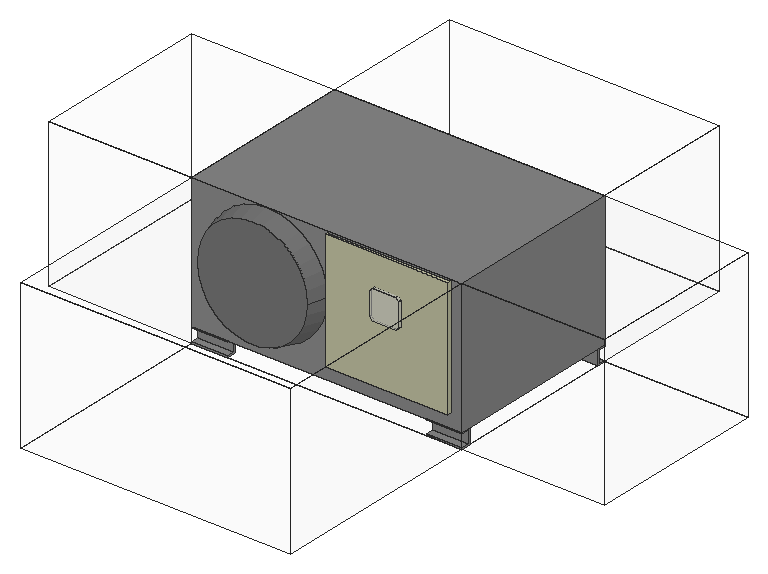
Revit family "Air Source 25-185", category Mechanical Equipment, Revit 2017
Family settings
  Round Connector Dimension = Use Diameter
  Part Type = Normal
  Work Plane-Based = No
  Always vertical = Yes
  Cut with Voids When Loaded = No
  Shared = No
  Room Calculation Point = No
Parameters (values of type "025 Axial")
  Water from Left = 41"
  Water Out from Bottom = 17 1/4"
  Water In from Bottom = 9 1/4"
  WATER CONN SIZE = 1"
  WEIGHT = "310"
  URL = "https://www.lochinvar.com/products/commercial-heat-pump-water-heaters/air-source-heat-pump-water-heaters/"
  UNIT WIDTH = 33"
  Unit Top Panel Depth = 1/2"
  UNIT LENGTH = 45 3/8"
  Side Channels = yes
  SES BIM Studio # = "21 0649 02"
  Perpendicular Channels = no
  Perp Channel Right from Left = 43 7/8"
  Perp Channel Left from Left = 3"
  Perp Channel Center from Left = 21 3/16"
  Model = ""
  Manufacturer = "Lochinvar"
  Lbs.R134a = "7"
  Fan Outer Dia = 20 1/8"
  Fan Inner Dia = Fan Outer Dia - 1 5/8"  # 18 1/2"
  Fan/Blower Depth = 3"
  Fan Center from Left = 12 5/8"
  Fan Center from Bottom = 14 13/16"
  Fan = yes
  FLOW RATE (GPM) = "5.4"
  Evap Top from Bottom = 22 3/4"
  Evap Right from Left = 3"
  Evap Left from Left = 27 1/8"
  Evap Depth = 1"
  Elec Panel Top from Bottom = 24 5/8"
  Elec Panel Right from Right = 2"
  Elec Panel Left from Right = 22 9/16"
  Elec Panel Bottom from Bottom = 4 3/4"
  Description = "Air Source Heat Pump Water Heater"
  Controls Cover Right from Right = 9 25/32"
  Controls Cover Bottom from Bottom = 14 5/8"
  Condensate from Left = 15 3/8"
  Condensate from Front = 27 1/2"
  Compressor Type = "Scroll"
  CONDENSATE CONN SIZE = 1"
  Clearance Right = 24"
  Clearance Left = 24"
  Clearance Front = 36"
  Clearance Back = 24"
  Clearance [instance] = yes
  Channel Length = 6"
  Center Channels = no
  UNIT HEIGHT = 24 7/8"
  Channel Height = 2 1/2"
  Blower Width = 7"
  Blower Left from Left = 10 1/4"
  Blower Height = 11 1/2"
  Blower Bottom from Bottom = 10 7/8"
  Blower = no
  BTUH Heating = "27,450"
  BTUH Cooling = "21,200"
  Air Volume (CFM) = "1,250"
  575V/3PH/60HZ RLA = "6.2"
  575V/3PH/60HZ MOCP = "10"
  575V/3PH/60HZ MCA = "8"
  440V-480V/3PH/60HZ RLA = "6.5"
  440V-480V/3PH/60HZ MOCP = "10"
  440V-480V/3PH/60HZ MCA = "8"
  208V-230V/3PH/60HZ RLA = "11.5"
  208V-230V/3PH/60HZ MOCP = "15"
  208V-230V/3PH/60HZ MCA = "14"
  208V-230V/1PH/60HZ RLA = "19.7"
  208V-230V/1PH/60HZ MOCP = "25"
  208V-230V/1PH/60HZ MCA = "24"
Types (11): name | Water from Left | Water Out from Bottom | Water In from Bottom | WATER CONN SIZE | WEIGHT | UNIT WIDTH | Unit Top Panel Depth | UNIT LENGTH | Side Channels | Perpendicular Channels | Perp Channel Right from Left | Perp Channel Left from Left | Perp Channel Center from Left | Model | Lbs.R134a | Fan Outer Dia | Fan Inner Dia | Fan/Blower Depth | Fan Center from Left | Fan Center from Bottom | Fan | FLOW RATE (GPM) | Evap Top from Bottom | Evap Right from Left | Evap Left from Left | Evap Depth | Elec Panel Top from Bottom | Elec Panel Right from Right | Elec Panel Left from Right | Elec Panel Bottom from Bottom | Controls Cover Right from Right | Controls Cover Bottom from Bottom | Condensate from Left | Condensate from Front | Channel Length | Center Channels | UNIT HEIGHT | Channel Height | Blower Width | Blower Left from Left | Blower Height | Blower Bottom from Bottom | Blower | BTUH Heating | BTUH Cooling | Air Volume (CFM) | 575V/3PH/60HZ RLA | 575V/3PH/60HZ MOCP | 575V/3PH/60HZ MCA | 440V-480V/3PH/60HZ RLA | 440V-480V/3PH/60HZ MOCP | 440V-480V/3PH/60HZ MCA | 208V-230V/3PH/60HZ RLA | 208V-230V/3PH/60HZ MOCP | 208V-230V/3PH/60HZ MCA | 208V-230V/1PH/60HZ RLA | 208V-230V/1PH/60HZ MOCP | 208V-230V/1PH/60HZ MCA
  (no name) | 41" | 17 1/4" | 9 1/4" | 1" | "310" | 33" | 1/2" | 45 3/8" | yes | no | 43 7/8" | 3" | 21 3/16" | "" | "7" | 20 1/8" | 18 1/2" | 3" | 12 5/8" | 14 13/16" | yes | "5.4" | 22 3/4" | 3" | 27 1/8" | 1" | 24 5/8" | 2" | 22 9/16" | 4 3/4" | 9 25/32" | 14 5/8" | 15 3/8" | 27 1/2" | 6" | no | 24 7/8" | 2 1/2" | 7" | 10 1/4" | 11 1/2" | 10 7/8" | no | "27,450" | "21,200" | "1,250" | "6.2" | "10" | "8" | "6.5" | "10" | "8" | "11.5" | "15" | "14" | "19.7" | "25" | "24"
  025 Axial | 41" | 17 1/4" | 9 1/4" | 1" | "310" | 33" | 1/2" | 45 3/8" | yes | no | 43 7/8" | 3" | 21 3/16" | "" | "7" | 20 1/8" | 18 1/2" | 3" | 12 5/8" | 14 13/16" | yes | "5.4" | 22 3/4" | 3" | 27 1/8" | 1" | 24 5/8" | 2" | 22 9/16" | 4 3/4" | 9 25/32" | 14 5/8" | 15 3/8" | 27 1/2" | 6" | no | 24 7/8" | 2 1/2" | 7" | 10 1/4" | 11 1/2" | 10 7/8" | no | "27,450" | "21,200" | "1,250" | "6.2" | "10" | "8" | "6.5" | "10" | "8" | "11.5" | "15" | "14" | "19.7" | "25" | "24"
  025 Blower | 41" | 17 1/4" | 9 1/4" | 1" | "310" | 31 3/8" | 1/2" | 45 3/8" | yes | no | 43 7/8" | 3" | 21 3/16" | "AHP025" | "7" | 20 1/8" | 18 1/2" | 1 3/8" | 12 5/8" | 14 13/16" | no | "5.4" | 22 3/4" | 3" | 27 1/8" | 1" | 24 5/8" | 2" | 22 9/16" | 4 3/4" | 9 25/32" | 14 5/8" | 15 3/8" | 27 1/2" | 6" | no | 24 7/8" | 2 1/2" | 7" | 10 1/4" | 11 1/2" | 10 7/8" | yes | "27,450" | "21,200" | "1,250" | "6.4" | "10" | "8" | "7.9" | "15" | "10" | "14.4" | "20" | "17" | "23.9" | "30" | "28"
  060 Axial | 58 3/8" | 17 1/2" | 7 1/2" | 1" | "520" | 32 5/8" | 1" | 64 1/4" | yes | no | 43 7/8" | 3" | 21 3/16" | "AHP060" | "14" | 29 1/4" | 27 5/8" | 4" | 17" | 19 1/2" | yes | "13" | 30 1/4" | 5 1/4" | 41 3/8" | 1" | 28" | 8" | 32 5/8" | 4 7/8" | 17 13/16" | 20 1/4" | 22 3/4" | 25 5/8" | 6" | no | 34 5/8" | 2 1/2" | 7" | 10 1/4" | 11 1/2" | 10 7/8" | no | "63,255" | "48,425" | "2,800" | "10" | "15" | "12" | "12" | "20" | "15" | "25" | "30" | "29" | "33.1" | "50" | "41"
  060 Blower | 58 3/8" | 17 1/2" | 7 1/2" | 1" | "520" | 29 5/8" | 1" | 64 1/4" | yes | no | 43 7/8" | 3" | 21 3/16" | "AHP060" | "14" | 29 1/4" | 27 5/8" | 1 1/8" | 17" | 19 1/2" | no | "13" | 30 1/4" | 5 1/4" | 41 3/8" | 1" | 28" | 8" | 32 5/8" | 4 7/8" | 17 13/16" | 20 1/4" | 22 3/4" | 25 5/8" | 6" | no | 34 5/8" | 2 1/2" | 16 1/8" | 14" | 13 3/4" | 19 3/4" | yes | "63,255" | "48,425" | "2,800" | "10.8" | "15" | "13" | "13.2" | "20" | "16" | "26.5" | "35" | "32" | "36.3" | "50" | "44"
  090 Axial | 63 1/2" | 23 1/8" | 8 1/4" | 1 1/2" | "775" | 32 3/4" | 1" | 70 1/4" | yes | no | 43 7/8" | 3" | 21 3/16" | "AHP090" | "21" | 29 3/4" | 28 1/8" | 4 1/8" | 18 3/4" | 20 3/8" | yes | "20" | 36 3/4" | 5 1/8" | 47 1/8" | 1" | 35 1/4" | 16 1/2" | 36 5/8" | 5 1/2" | 24 1/16" | 28" | 24 7/8" | 24 3/4" | 10" | yes | 40 1/4" | 3" | 7" | 10 1/4" | 11 1/2" | 10 7/8" | no | "110,725" | "83,625" | "2,800" | "14.4" | "20" | "18" | "20.8" | "30" | "26" | "39.3" | "50" | "49" | "-" | "-" | "-"
  090 Blower | 63 1/2" | 23 1/8" | 8 1/4" | 1 1/2" | "775" | 29 3/4" | 1" | 70 1/4" | yes | no | 43 7/8" | 3" | 21 3/16" | "AHP090" | "21" | 29 3/4" | 28 1/8" | 1 1/4" | 18 3/4" | 20 3/8" | no | "20" | 36 3/4" | 5 1/8" | 47 1/8" | 1" | 35 1/4" | 16 1/2" | 36 5/8" | 5 1/2" | 24 1/16" | 28" | 24 7/8" | 24 3/4" | 10" | yes | 40 1/4" | 3" | 15 3/4" | 16 1/4" | 13 3/4" | 19 1/2" | yes | "110,725" | "83,625" | "2,800" | "15.2" | "20" | "19" | "22" | "30" | "27" | "41.6" | "60" | "51" | "-" | "-" | "-"
  125 Axial | 75" | 29 1/8" | 9 1/8" | 1 1/2" | "1,240" | 37 3/8" | 1" | 84 3/8" | no | yes | 82 7/8" | 3" | 42 15/16" | "AHP125" | "25" | 29" | 27 3/8" | 4 1/8" | 29 3/4" | 20 5/8" | yes | "28" | 31 3/4" | 5 3/8" | 65 3/8" | 1" | 30 5/8" | 14 1/4" | 40 1/8" | 6 1/8" | 24 11/16" | 22 3/4" | 36" | 28 5/8" | 10" | no | 36 1/8" | 3" | 7" | 10 1/4" | 11 1/2" | 10 7/8" | no | "114,275" | "108,500" | "4,500" | "24.7" | "35" | "30" | "28.2" | "35" | "34" | "56.3" | "70" | "69" | "-" | "-" | "-"
  125 Blower | 75" | 29 1/8" | 9 1/8" | 1 1/2" | "1,240" | 34 3/8" | 1" | 84 3/8" | no | yes | 82 7/8" | 3" | 42 15/16" | "AHP125" | "25" | 29" | 27 3/8" | 1 1/8" | 29 3/4" | 20 5/8" | no | "28" | 31 3/4" | 5 3/8" | 65 3/8" | 1" | 30 5/8" | 14 1/4" | 40 1/8" | 6 1/8" | 24 11/16" | 22 3/4" | 36" | 28 5/8" | 10" | no | 36 1/8" | 3" | 18 7/8" | 20 5/8" | 16 1/2" | 17 3/8" | yes | "114,275" | "108,500" | "4,500" | "26.8" | "35" | "32" | "30.9" | "40" | "37" | "61.4" | "80" | "74" | "-" | "-" | "-"
  185 Axial | 11 1/2" | 38 1/8" | 11 5/8" | 2" | "1,410" | 45 3/8" | 1" | 72 3/4" | no | yes | 72 3/4" | 1 1/2" | 21 1/4" | "AHP185" | "30" | 30 7/8" | 29 1/4" | 3 3/4" | 55 5/16" | 21 9/16" | yes | "40" | 41 1/2" | 19 1/8" | 67 1/8" | 1 1/4" | 37" | 32 7/8" | 56 7/8" | 6 1/8" | 42 3/8" | 28 3/4" | 26 3/8" | 37 1/2" | 10" | no | 43" | 3" | 7" | 10 1/4" | 11 1/2" | 10 7/8" | no | "224,675" | "172,375" | "4,500" | "30.5" | "40" | "37" | "36.5" | "50" | "45" | "81.3" | "110" | "100" | "-" | "-" | "-"
  185 Blower | 11 1/2" | 38 1/8" | 11 5/8" | 2" | "1,410" | 42 3/4" | 1" | 72 3/4" | no | yes | 72 3/4" | 1 1/2" | 21 1/4" | "AHP185" | "30" | 30 7/8" | 29 1/4" | 1 1/8" | 55 5/16" | 21 9/16" | no | "40" | 41 1/2" | 19 1/8" | 67 1/8" | 1 1/4" | 37" | 32 7/8" | 56 7/8" | 6 1/8" | 42 3/8" | 28 3/4" | 26 3/8" | 37 1/2" | 10" | no | 43" | 3" | 19" | 44 3/4" | 16" | 18 1/4" | yes | "224,675" | "172,375" | "4,500" | "32.6" | "40" | "39" | "39.2" | "50" | "47" | "86.4" | "110" | "105" | "-" | "-" | "-"
Reference planes (in)
  plane 1 "Unit Back": y = 0
  plane 2: z = 0
  plane 3 "Center (Left/Right)": x = 0
  plane 4 "Unit Left": x = -22.6875
  plane 5 "Unit Right": x = 22.6875
  plane 6 "Unit Front": y = -30
  plane 7 "Unit Top": z = 24.875
  plane 8 "Unit Bottom": z = 2.5
  plane 9: x = -16.6875
  plane 10: x = 16.6875
  plane 11: y = -28.5
  plane 12: y = -1.5
  plane 13: y = -1.3125
  plane 14: y = -28.6875
  plane 15: z = 2.3125
  plane 16: z = 0.1875
  plane 17: x = 5
  plane 18: x = -5
  plane 19: x = -19.6875
  plane 20: x = 19.6875
  plane 21: x = -3
  plane 22: x = -21.1875
  plane 23: x = 21.1875
  plane 24: x = -1.5
  plane 25: x = -19.875
  plane 26: x = -2.8125
  plane 27: x = 19.875
  plane 28 "Fan/Blower Front": y = -33
  plane 29 "Fan Center Vertical": x = -10.0625
  plane 30 "Fan Center Horizontal": z = 14.8125
  plane 31: z = 4.75
  plane 32: y = 1
  plane 33: z = 17.25
  plane 34: z = 9.25
  plane 35: x = 18.3125
  plane 36: z = 24.375
  plane 37 "Elec Panel Right": x = 20.6875
  plane 38 "Elec Panel Left": x = 0.125
  plane 39 "Elec Panel Top": z = 24.625
  plane 40 "Evap Right": x = -19.6875
  plane 41 "Evap Left": x = 4.4375
  plane 42 "Evap Top": z = 22.75
  plane 43 "Controls Cover Left": x = 7.90625
  plane 44 "Controls Cover Right": x = 12.90625
  plane 45 "Controls Cover Top": z = 19.625
  plane 46 "Controls Cover Bottom": z = 14.625
  plane 47: x = -7.3125
  plane 48: y = -2.5
  plane 49: z = 1.5
  plane 50 "Blower Right": x = -5.4375
  plane 51 "Blower Left": x = -12.4375
  plane 52 "Blower Top": z = 22.375
  plane 53 "Blower Bottom": z = 10.875
  plane 54: x = 46.6875
  plane 55: x = -46.6875
  plane 56: y = 24
  plane 57: y = -66
Forms (in)
  Extrusion 1, solid
    sketch origin (0, 0, 2.5) x (-1, 0, 0) y (0, -1, 0)
      loop
        line (22.6875, 0) -> (22.6875, 30) -> (-22.6875, 30) -> (-22.6875, 0) -> (22.6875, 0)
    from 0 to 22.375
  Sweep 2, solid, visible <- "Side Channels"
    path origin (0, 0, 0) x (1, 0, 0) y (0, 0, 1)
      loop
        line (-22.6875, 2.5) -> (-16.6875, 2.5)
    profile origin (-19.6875, 0, 2.5) x (0, 0, 1) y (0, -1, 0)
      loop
        line (0, 0) -> (0, 1.5) -> (-2.5, 1.5) -> (-2.5, 0) -> (-2.3125, 0) -> (-2.3125, 1.3125) -> (-0.1875, 1.3125) -> (-0.1875, 0) -> (0, 0)
  Sweep 3, solid, visible <- "Side Channels"
    path origin (39.375, 0, 0) x (1, 0, 0) y (0, 0, 1)
      loop
        line (-22.6875, 2.5) -> (-16.6875, 2.5)
    profile origin (19.6875, 0, 2.5) x (0, 0, 1) y (0, -1, 0)
      loop
        line (0, 0) -> (0, 1.5) -> (-2.5, 1.5) -> (-2.5, 0) -> (-2.3125, 0) -> (-2.3125, 1.3125) -> (-0.1875, 1.3125) -> (-0.1875, 0) -> (0, 0)
  Sweep 4, solid, visible <- "Side Channels"
    path origin (0, -33, 0) x (1, 0, 0) y (0, 0, -1)
      loop
        line (-22.6875, -2.5) -> (-16.6875, -2.5)
    profile origin (-19.6875, -33, 2.5) x (0, 0, -1) y (0, 1, 0)
      loop
        line (0, 3) -> (0.1875, 3) -> (0.1875, 4.3125) -> (2.3125, 4.3125) -> (2.3125, 3) -> (2.5, 3) -> (2.5, 4.5) -> (0, 4.5) -> (0, 3)
  Sweep 5, solid, visible <- "Side Channels"
    path origin (39.375, -33, 0) x (1, 0, 0) y (0, 0, -1)
      loop
        line (-22.6875, -2.5) -> (-16.6875, -2.5)
    profile origin (19.6875, -33, 2.5) x (0, 0, -1) y (0, 1, 0)
      loop
        line (0, 3) -> (0.1875, 3) -> (0.1875, 4.3125) -> (2.3125, 4.3125) -> (2.3125, 3) -> (2.5, 3) -> (2.5, 4.5) -> (0, 4.5) -> (0, 3)
  Sweep 6, solid, visible <- "Center Channels"
    path origin (19.6875, 0, 0) x (1, 0, 0) y (0, 0, 1)
      loop
        line (-24.6875, 2.5) -> (-14.6875, 2.5)
    profile origin (0, 0, 2.5) x (0, 0, 1) y (0, -1, 0)
      loop
        line (0, 0) -> (0, 1.5) -> (-2.5, 1.5) -> (-2.5, 0) -> (-2.3125, 0) -> (-2.3125, 1.3125) -> (-0.1875, 1.3125) -> (-0.1875, 0) -> (0, 0)
  Sweep 7, solid, visible <- "Center Channels"
    path origin (19.6875, -30, 0) x (1, 0, 0) y (0, 0, -1)
      loop
        line (-24.6875, -2.5) -> (-14.6875, -2.5)
    profile origin (0, -30, 2.5) x (0, 0, -1) y (0, 1, 0)
      loop
        line (0, 0) -> (0.1875, 0) -> (0.1875, 1.3125) -> (2.3125, 1.3125) -> (2.3125, 0) -> (2.5, 0) -> (2.5, 1.5) -> (0, 1.5) -> (0, 0)
  Extrusion 8, solid, visible <- "Perpendicular Channels"
    sketch origin (0, 0, 0) x (1, 0, 0) y (0, 0, 1)
      loop
        line (-19.6875, 0) -> (-19.6875, 2.5) -> (-21.1875, 2.5) -> (-21.1875, 2.3125) -> (-19.875, 2.3125) -> (-19.875, 0.1875) -> (-21.1875, 0.1875) -> (-21.1875, 0) -> (-19.6875, 0)
    from 0 to 30
  Extrusion 9, solid, visible <- "Perpendicular Channels"
    sketch origin (0, 0, 0) x (-1, 0, 0) y (0, 0, -1)
      loop
        line (-19.6875, 0) -> (-21.1875, 0) -> (-21.1875, -0.1875) -> (-19.875, -0.1875) -> (-19.875, -2.3125) -> (-21.1875, -2.3125) -> (-21.1875, -2.5) -> (-19.6875, -2.5) -> (-19.6875, 0)
    from 0 to 30
  Extrusion 10, solid, visible <- "Perpendicular Channels"
    sketch origin (-22.6875, 0, 0) x (-1, 0, 0) y (0, 0, -1)
      loop
        line (-19.6875, 0) -> (-21.1875, 0) -> (-21.1875, -0.1875) -> (-19.875, -0.1875) -> (-19.875, -2.3125) -> (-21.1875, -2.3125) -> (-21.1875, -2.5) -> (-19.6875, -2.5) -> (-19.6875, 0)
    from 0 to 30
  Blend 11, solid, material "Fan/Blower/Evaporator", visible <- "Fan"
    base sketch origin (0, -30, 0) x (1, 0, 0) y (0, 0, 1)
      loop
        circle (-10.0625, 14.8125) r 10.0625
    top sketch origin (0, -30, 0) x (1, 0, 0) y (0, 0, 1)
      loop
        circle (-10.0625, 14.8125) r 9.25
    from 0 to 3
  Extrusion 12, solid
    sketch origin (-22.6875, 0, 2.5) x (1, 0, 0) y (0, 0, -1)
      loop
        circle (41, -14.75) r 0.5
      loop
        circle (41, -6.75) r 0.5
    from 0 to 1
  Extrusion 13, solid, material "Electrical Panel"
    sketch origin (22.6875, -30, 2.5) x (-1, 0, 0) y (0, 0, -1)
      loop
        line (22.5625, -22.125) -> (22.5625, -2.25) -> (2, -2.25) -> (2, -22.125) -> (22.5625, -22.125)
    from 0 to 0.5
  Extrusion 14, solid, material "Fan/Blower/Evaporator"
    sketch origin (-22.6875, 0, 2.5) x (1, 0, 0) y (0, 0, -1)
      loop
        line (27.125, -20.25) -> (27.125, -2.25) -> (3, -2.25) -> (3, -20.25) -> (27.125, -20.25)
    from 0 to 1
  Extrusion 15, solid, material "Controls Cover"
    sketch origin (22.6875, -30.5, 2.5) x (-1, 0, 0) y (0, 0, -1)
      loop
        line (14.28125, -17.125) -> (14.78125, -16.625) -> (14.78125, -12.625) -> (14.28125, -12.125) -> (10.28125, -12.125) -> (9.78125, -12.625) -> (9.78125, -16.625) -> (10.28125, -17.125) -> (14.28125, -17.125)
    from 0 to 0.5
  Extrusion 16, solid
    sketch origin (0, 0, 2.5) x (0, -1, 0) y (-1, 0, 0)
      loop
        circle (2.5, 7.3125) r 0.5
    from 0 to 1
  Extrusion 17, solid, material "Fan/Blower/Evaporator", visible <- "Blower"
    sketch origin (22.6875, -30, 2.5) x (-1, 0, 0) y (0, 0, -1)
      loop
        line (35.125, -19.875) -> (35.125, -8.375) -> (28.125, -8.375) -> (28.125, -19.875) -> (35.125, -19.875)
    from 0 to 3
  Extrusion 18, solid, material "Clearance", visible <- "Clearance"
    sketch origin (-69.375, 0, 0) x (1, 0, 0) y (0, 1, 0)
      loop
        line (22.6875, 0) -> (22.6875, -30) -> (46.6875, -30) -> (46.6875, 0) -> (22.6875, 0)
    from 0 to 24.875
  Extrusion 19, solid, material "Clearance", visible <- "Clearance"
    sketch origin (0, 0, 0) x (1, 0, 0) y (0, 1, 0)
      loop
        line (22.6875, 0) -> (22.6875, -30) -> (46.6875, -30) -> (46.6875, 0) -> (22.6875, 0)
    from 0 to 24.875
  Extrusion 20, solid, material "Clearance", visible <- "Clearance"
    sketch origin (-45.375, 24, 0) x (1, 0, 0) y (0, 1, 0)
      loop
        line (22.6875, 0) -> (22.6875, -24) -> (68.0625, -24) -> (68.0625, 0) -> (22.6875, 0)
    from 0 to 24.875
  Extrusion 21, solid, material "Clearance", visible <- "Clearance"
    sketch origin (-45.375, -30, 0) x (1, 0, 0) y (0, 1, 0)
      loop
        line (22.6875, 0) -> (22.6875, -36) -> (68.0625, -36) -> (68.0625, 0) -> (22.6875, 0)
    from 0 to 24.875
Lines and regions (in)
  model lines
    curve 1: line (-22.6875, -30, 4.75) -> (22.6875, -30, 4.75)
    curve 2: line (22.6875, 0, 4.75) -> (-22.6875, 0, 4.75)
    curve 3: line (-22.6875, 0, 4.75) -> (-22.6875, -30, 4.75)
    curve 4: line (22.6875, -30, 4.75) -> (22.6875, 0, 4.75)
    curve 5: line (22.6875, 0, 24.375) -> (-22.6875, 0, 24.375)
    curve 6: line (-22.6875, -30, 24.375) -> (22.6875, -30, 24.375)
    curve 7: line (-22.6875, 0, 24.375) -> (-22.6875, -30, 24.375)
    curve 8: line (22.6875, -30, 24.375) -> (22.6875, 0, 24.375)
Dimensions and locks (in)
  locked: plane 8 "Unit Bottom" to plane 15 at 0.1875
  locked: plane 13 to plane 12 at 0.1875
  locked: plane 11 to plane 14 at 0.1875
  "Channel Height": plane 8 "Unit Bottom" to plane 2
  locked: plane 16 to plane 2 at 0.1875
  "UNIT HEIGHT": plane 7 "Unit Top" to plane 2
  plane 6 "Unit Front" to plane 1 "Unit Back" = 30"
  locked: plane 6 "Unit Front" to plane 11 at 1.5
  locked: plane 12 to plane 1 "Unit Back" at 1.5
  "Channel Length": plane 4 "Unit Left" to plane 9
  "Channel Length": plane 10 to plane 5 "Unit Right"
  "Fan/Blower Depth": plane 28 "Fan/Blower Front" to plane 6 "Unit Front"
  "Fan Center from Bottom": plane 30 "Fan Center Horizontal" to plane 2
  "Fan Center from Left": plane 4 "Unit Left" to plane 29 "Fan Center Vertical"
  "Water from Left": plane 4 "Unit Left" to plane 35
  "Water In from Bottom": plane 2 to plane 34
  "Water Out from Bottom": plane 2 to plane 33
  "UNIT WIDTH": plane 28 "Fan/Blower Front" to plane 1 "Unit Back"
  "Elec Panel Right from Right": plane 37 "Elec Panel Right" to plane 5 "Unit Right"
  "Elec Panel Top from Bottom": plane 39 "Elec Panel Top" to plane 2
  "Elec Panel Left from Right": plane 38 "Elec Panel Left" to plane 5 "Unit Right"
  locked: plane 22 to plane 19 at 1.5
  locked: plane 21 to plane 24 at 1.5
  locked: plane 20 to plane 23 at 1.5
  locked: plane 25 to plane 19 at 0.1875
  locked: plane 21 to plane 26 at 0.1875
  locked: plane 20 to plane 27 at 0.1875
  "Evap Top from Bottom": plane 2 to plane 42 "Evap Top"
  "Evap Right from Left": plane 4 "Unit Left" to plane 40 "Evap Right"
  "Evap Left from Left": plane 4 "Unit Left" to plane 41 "Evap Left"
  locked: plane 43 "Controls Cover Left" to plane 44 "Controls Cover Right" at 5
  locked: plane 45 "Controls Cover Top" to plane 46 "Controls Cover Bottom" at 5
  "Controls Cover Bottom from Bottom": plane 46 "Controls Cover Bottom" to plane 2
  "Controls Cover Right from Right": plane 44 "Controls Cover Right" to plane 5 "Unit Right"
  "Evap Depth": plane 1 "Unit Back" to plane 32
  "Condensate from Front": plane 6 "Unit Front" to plane 48
  "Condensate from Left": plane 4 "Unit Left" to plane 47
  plane 8 "Unit Bottom" to plane 49 = 1"
  "UNIT LENGTH": plane 4 "Unit Left" to plane 5 "Unit Right"
  equal spacing: plane 4 "Unit Left", plane 3 "Center (Left/Right)", plane 5 "Unit Right"
  "Perp Channel Center from Left": plane 4 "Unit Left" to plane 24
  "Perp Channel Right from Left": plane 4 "Unit Left" to plane 23
  "Perp Channel Left from Left": plane 4 "Unit Left" to plane 19
  locked: plane 18 to plane 3 "Center (Left/Right)" at 5
  locked: plane 3 "Center (Left/Right)" to plane 17 at 5
  "Unit Top Panel Depth": plane 7 "Unit Top" to plane 36
  "Elec Panel Bottom from Bottom": plane 31 to plane 2
  "Blower Width": plane 51 "Blower Left" to plane 50 "Blower Right"
  "Blower Height": plane 52 "Blower Top" to plane 53 "Blower Bottom"
  "Blower Left from Left": plane 4 "Unit Left" to plane 51 "Blower Left"
  "Blower Bottom from Bottom": plane 53 "Blower Bottom" to plane 2
  "Clearance Back": plane 1 "Unit Back" to plane 56
  "Clearance Right": plane 5 "Unit Right" to plane 54
  "Clearance Front": plane 57 to plane 6 "Unit Front"
  "Clearance Left": plane 55 to plane 4 "Unit Left"
  "Fan Outer Dia": diameter of Blend 11 sketch curve
  "Fan Inner Dia": diameter of Blend 11 sketch curve
  "WATER CONN SIZE": diameter of Extrusion 12 sketch curve  (x2)
  "CONDENSATE CONN SIZE": diameter of Extrusion 16 sketch curve
  aligned and locked: plane 2 to level
  aligned and locked: Extrusion 1 sketch curve to plane 4 "Unit Left"
  aligned and locked: plane 5 "Unit Right" to Extrusion 1 sketch curve
  aligned and locked: Extrusion 1 sketch curve to plane 6 "Unit Front"
  aligned and locked: plane 1 "Unit Back" to Extrusion 1 sketch curve
  aligned and locked: Extrusion 1 to plane 7 "Unit Top"
  aligned and locked: plane 9 to Sweep 2 sketch curve
  aligned and locked: plane 4 "Unit Left" to Sweep 2 sketch curve
  aligned and locked: plane 5 "Unit Right" to Sweep 5 sketch curve
  aligned and locked: plane 10 to Sweep 5 sketch curve
  aligned and locked: plane 5 "Unit Right" to Sweep 3 sketch curve
  aligned and locked: plane 10 to Sweep 3 sketch curve
  aligned and locked: plane 4 "Unit Left" to Sweep 4 sketch curve
  aligned and locked: plane 9 to Sweep 4 sketch curve
  aligned and locked: Sweep 2 sketch curve to plane 12
  aligned and locked: Sweep 2 sketch curve to plane 8 "Unit Bottom"
  aligned and locked: plane 13 to Sweep 2 sketch curve
  aligned and locked: plane 15 to Sweep 2 sketch curve
  aligned and locked: Sweep 4 sketch curve to plane 15
  aligned and locked: plane 8 "Unit Bottom" to Sweep 4 sketch curve
  aligned and locked: Sweep 4 sketch curve to plane 11
  aligned and locked: Sweep 4 sketch curve to plane 14
  aligned and locked: Sweep 5 sketch curve to plane 8 "Unit Bottom"
  aligned and locked: Sweep 5 sketch curve to plane 15
  aligned and locked: plane 11 to Sweep 5 sketch curve
  aligned and locked: plane 14 to Sweep 5 sketch curve
  aligned and locked: plane 8 "Unit Bottom" to Sweep 3 sketch curve
  aligned and locked: plane 15 to Sweep 3 sketch curve
  aligned and locked: plane 12 to Sweep 3 sketch curve
  aligned and locked: plane 13 to Sweep 3 sketch curve
  aligned and locked: plane 16 to Sweep 2 sketch curve
  aligned and locked: Sweep 4 sketch curve to plane 16
  aligned and locked: plane 16 to Sweep 5 sketch curve
  aligned and locked: Sweep 3 sketch curve to plane 16
  aligned and locked: plane 6 "Unit Front" to Sweep 4 sketch curve
  aligned and locked: Sweep 4 sketch curve to plane 6 "Unit Front"
  aligned and locked: Sweep 5 sketch curve to plane 6 "Unit Front"
  aligned and locked: plane 6 "Unit Front" to Sweep 5 sketch curve
  aligned and locked: plane 18 to Sweep 6 sketch curve
  aligned and locked: plane 17 to Sweep 6 sketch curve
  aligned and locked: plane 17 to Sweep 7 sketch curve
  aligned and locked: plane 18 to Sweep 7 sketch curve
  aligned and locked: Sweep 6 sketch curve to plane 8 "Unit Bottom"
  aligned and locked: Sweep 6 sketch curve to plane 15
  aligned and locked: Sweep 6 sketch curve to plane 12
  aligned and locked: Sweep 6 sketch curve to plane 13
  aligned and locked: plane 2 to Sweep 6 sketch curve
  aligned and locked: plane 16 to Sweep 6 sketch curve
  aligned and locked: plane 8 "Unit Bottom" to Sweep 7 sketch curve
  aligned and locked: plane 15 to Sweep 7 sketch curve
  aligned and locked: Sweep 7 sketch curve to plane 11
  aligned and locked: Sweep 7 sketch curve to plane 14
  aligned and locked: Sweep 7 sketch curve to plane 2
  aligned and locked: Sweep 7 sketch curve to plane 16
  aligned and locked: plane 6 "Unit Front" to Sweep 7 sketch curve
  aligned and locked: Sweep 7 sketch curve to plane 6 "Unit Front"
  aligned and locked: Extrusion 1 to Extrusion 8
  aligned and locked: Extrusion 1 to Extrusion 9
  aligned and locked: Extrusion 1 to Extrusion 10
  aligned and locked: Extrusion 8 sketch curve to plane 15
  aligned and locked: plane 8 "Unit Bottom" to Extrusion 8 sketch curve
  aligned and locked: Extrusion 8 sketch curve to plane 25
  aligned and locked: Extrusion 8 sketch curve to plane 19
  aligned and locked: plane 2 to Extrusion 8 sketch curve
  aligned and locked: Extrusion 8 sketch curve to plane 16
  aligned and locked: plane 22 to Extrusion 8 sketch curve
  aligned and locked: Extrusion 8 sketch curve to plane 22
  aligned and locked: Extrusion 10 sketch curve to plane 8 "Unit Bottom"
  aligned and locked: plane 15 to Extrusion 10 sketch curve
  aligned and locked: plane 16 to Extrusion 10 sketch curve
  aligned and locked: Extrusion 10 sketch curve to plane 2
  aligned and locked: Extrusion 10 sketch curve to plane 21
  aligned and locked: Extrusion 10 sketch curve to plane 26
  aligned and locked: Extrusion 10 sketch curve to plane 24
  aligned and locked: plane 24 to Extrusion 10 sketch curve
  aligned and locked: Extrusion 9 sketch curve to plane 8 "Unit Bottom"
  aligned and locked: plane 15 to Extrusion 9 sketch curve
  aligned and locked: plane 16 to Extrusion 9 sketch curve
  aligned and locked: Extrusion 9 sketch curve to plane 2
  aligned and locked: Extrusion 9 sketch curve to plane 20
  aligned and locked: Extrusion 9 sketch curve to plane 27
  aligned and locked: Extrusion 9 sketch curve to plane 23
  aligned and locked: plane 23 to Extrusion 9 sketch curve
  aligned and locked: plane 28 "Fan/Blower Front" to Blend 11
  aligned and locked: plane 29 "Fan Center Vertical" to Blend 11 sketch curve  (x2)
  aligned and locked: plane 30 "Fan Center Horizontal" to Blend 11 sketch curve  (x2)
  aligned and locked: curve 1 to plane 31
  aligned and locked: curve 2 to plane 31
  aligned and locked: curve 3 to plane 31
  aligned and locked: curve 4 to plane 31
  aligned and locked: Extrusion 12 to plane 32
  aligned and locked: plane 33 to Extrusion 12 sketch curve
  aligned and locked: plane 34 to Extrusion 12 sketch curve
  aligned and locked: plane 35 to Extrusion 12 sketch curve  (x2)
  aligned and locked: plane 36 to curve 5
  aligned and locked: plane 36 to curve 6
  aligned and locked: plane 36 to curve 7
  aligned and locked: plane 36 to curve 8
  aligned and locked: plane 31 to Extrusion 13 sketch curve
  aligned and locked: plane 39 "Elec Panel Top" to Extrusion 13 sketch curve
  aligned and locked: plane 37 "Elec Panel Right" to Extrusion 13 sketch curve
  aligned and locked: Extrusion 13 sketch curve to plane 38 "Elec Panel Left"
  aligned and locked: plane 31 to Extrusion 14 sketch curve
  aligned and locked: Extrusion 14 to plane 32
  aligned and locked: Extrusion 14 sketch curve to plane 40 "Evap Right"
  aligned and locked: plane 42 "Evap Top" to Extrusion 14 sketch curve
  aligned and locked: Extrusion 14 sketch curve to plane 41 "Evap Left"
  aligned and locked: plane 45 "Controls Cover Top" to Extrusion 15 sketch curve
  aligned and locked: Extrusion 15 sketch curve to plane 46 "Controls Cover Bottom"
  aligned and locked: plane 44 "Controls Cover Right" to Extrusion 15 sketch curve
  aligned and locked: Extrusion 15 sketch curve to plane 43 "Controls Cover Left"
  aligned and locked: plane 47 to Extrusion 16 sketch curve
  aligned and locked: plane 48 to Extrusion 16 sketch curve
  aligned and locked: Extrusion 16 to plane 49
  aligned and locked: plane 52 "Blower Top" to Extrusion 17 sketch curve
  aligned and locked: Extrusion 17 sketch curve to plane 53 "Blower Bottom"
  aligned and locked: Extrusion 17 sketch curve to plane 51 "Blower Left"
  aligned and locked: plane 50 "Blower Right" to Extrusion 17 sketch curve
  aligned and locked: plane 1 "Unit Back" to Extrusion 18 sketch curve
  aligned and locked: Extrusion 18 sketch curve to plane 6 "Unit Front"
  aligned and locked: Extrusion 18 sketch curve to plane 55
  aligned and locked: plane 4 "Unit Left" to Extrusion 18 sketch curve
  aligned and locked: plane 1 "Unit Back" to Extrusion 19 sketch curve
  aligned and locked: plane 54 to Extrusion 19 sketch curve
  aligned and locked: Extrusion 19 sketch curve to plane 6 "Unit Front"
  aligned and locked: Extrusion 19 sketch curve to plane 5 "Unit Right"
  aligned and locked: Extrusion 1 to Extrusion 18
  aligned and locked: Extrusion 19 to Extrusion 1
  aligned and locked: plane 5 "Unit Right" to Extrusion 20 sketch curve
  aligned and locked: plane 56 to Extrusion 20 sketch curve
  aligned and locked: Extrusion 20 sketch curve to plane 4 "Unit Left"
  aligned and locked: Extrusion 20 sketch curve to plane 1 "Unit Back"
  aligned and locked: plane 6 "Unit Front" to Extrusion 21 sketch curve
  aligned and locked: Extrusion 21 sketch curve to plane 57
  aligned and locked: plane 5 "Unit Right" to Extrusion 21 sketch curve
  aligned and locked: Extrusion 21 sketch curve to plane 4 "Unit Left"
  aligned and locked: plane 28 "Fan/Blower Front" to Extrusion 17
  aligned and locked: Extrusion 21 to Extrusion 1
  aligned and locked: Extrusion 20 to Extrusion 1
Automatic sketch dimensions
  plane 4 "Unit Left" to curve 2 = 0"
  plane 4 "Unit Left" to curve 5 = 0"
  plane 5 "Unit Right" to curve 5 = 0"
  plane 5 "Unit Right" to curve 2 = 0"
  Sweep 2 sketch curve to plane 8 "Unit Bottom" = 0"
  Sweep 3 sketch curve to plane 8 "Unit Bottom" = 0"
  Sweep 4 sketch curve to plane 8 "Unit Bottom" = 0"
  Sweep 4 sketch curve to Sweep 4 sketch curve = 3/16"
  Sweep 5 sketch curve to plane 8 "Unit Bottom" = 0"
  Sweep 5 sketch curve to Sweep 5 sketch curve = 3/16"
  Sweep 6 sketch curve to plane 8 "Unit Bottom" = 0"
  Sweep 7 sketch curve to plane 8 "Unit Bottom" = 0"
  Sweep 2 sketch curve to plane 1 "Unit Back" = 0"  (x2)
  Sweep 2 sketch curve to Sweep 2 sketch curve = 3/16"
  Sweep 3 sketch curve to plane 1 "Unit Back" = 0"  (x2)
  Sweep 3 sketch curve to Sweep 3 sketch curve = 3/16"
  Sweep 6 sketch curve to plane 1 "Unit Back" = 0"  (x2)
  curve 7 to plane 1 "Unit Back" = 0"
  curve 3 to plane 1 "Unit Back" = 0"
  curve 7 to plane 6 "Unit Front" = 0"
  curve 3 to plane 6 "Unit Front" = 0"
  curve 4 to plane 1 "Unit Back" = 0"
  curve 8 to plane 1 "Unit Back" = 0"
  curve 8 to plane 6 "Unit Front" = 0"
  curve 4 to plane 6 "Unit Front" = 0"
  Extrusion 15 sketch curve to Extrusion 15 sketch curve = 1/2"  (x8)
  plane 4 "Unit Left" to curve 6 = 0"
  plane 4 "Unit Left" to curve 1 = 0"
  plane 5 "Unit Right" to curve 6 = 0"
  plane 5 "Unit Right" to curve 1 = 0"
Connectors (in)
  piping at (18.3125, 1, 9.25), diameter 1, driven by "WATER CONN SIZE"
    settings: on Extrusion 12, index 1, connector inside diameter 24", connector length 0", flow factor 0, pipe flow 0 GPM, pressure drop 0.00 psi, fitting loss kfactor 0, connector angle 0.00°, fixture units 0, engagement length 0", angle of deflection 0.00°, flow configuration 0, flow direction 1, fitting loss method 0, system type 29, joint type 0, gender type 0, connector reference index -1, connector utility 0, adjustable connector no, is connector primary yes, connector description "Water In"
  piping at (18.3125, 1, 17.25), diameter 1, driven by "WATER CONN SIZE"
    settings: on Extrusion 12, index 2, connector inside diameter 24", connector length 0", flow factor 0, pipe flow 0 GPM, pressure drop 0.00 psi, fitting loss kfactor 0, connector angle 0.00°, fixture units 0, engagement length 0", angle of deflection 0.00°, flow configuration 0, flow direction 2, fitting loss method 0, system type 29, joint type 0, gender type 0, connector reference index -1, connector utility 0, adjustable connector no, is connector primary no, connector description "Water Out"
  piping at (-7.3125, -2.5, 1.5), diameter 1, driven by "CONDENSATE CONN SIZE"
    settings: on Extrusion 16, index 3, connector inside diameter 24", connector length 0", flow factor 0, pipe flow 0 GPM, pressure drop 0.00 psi, fitting loss kfactor 0, connector angle 0.00°, fixture units 0, engagement length 0", angle of deflection 0.00°, flow configuration 0, flow direction 2, fitting loss method 0, system type 16, joint type 0, gender type 0, connector reference index -1, connector utility 0, adjustable connector no, is connector primary no, connector description "Condensate Drain"
